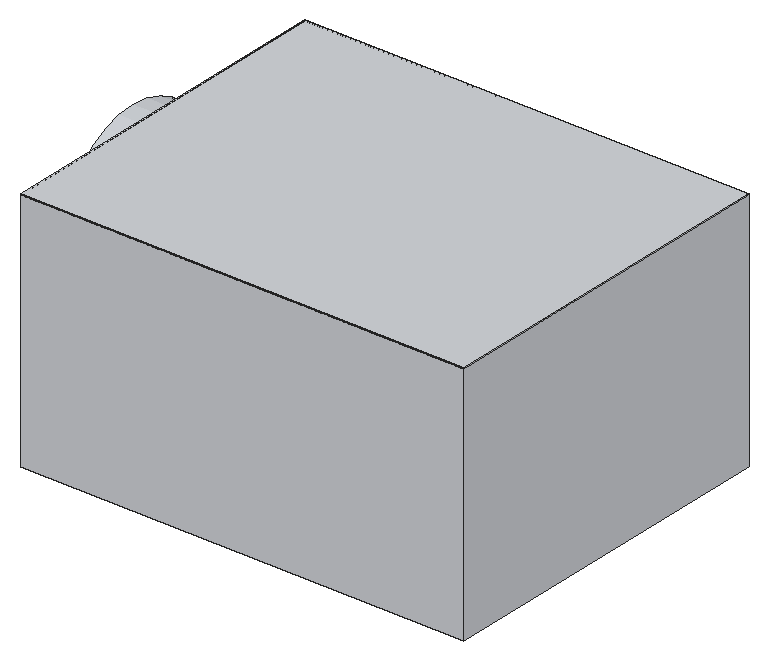
Revit family "DSC-L", category Mechanical Equipment, Revit 2015
Parameters
  Width ID = 2' - 6"
  URL = "https://unitedenertech.com/catalog/pdf/I_1%20MODEL%20TR,%20TR-2,%20DSC-L.pdf"
  Type Comments = "Consult Factory for Max. Sizes"
  O Radius [instance] = Inlet Diameter / 2  # 0' - 6"
  Model = "DSC-L"
  Manufacturer = "United Enertech Corporation"
  Length ID = 2' - 0"
  Inlet Diameter = 1' - 0"
  I Radius [instance] = O Radius - 0' 0 1/32"  # 0' - 5 31/32"
  Description = "Square to Round Transition"
Reference planes (in)
  plane 1 "Center (Front/Back)": y = 0
  plane 2: z = 0
  plane 3 "Center (Left/Right)": x = 0
  plane 4: y = 12
  plane 5: y = -12
  plane 6: x = -15
  plane 7: x = 15
  plane 8: x = -15.04
  plane 9: y = 12.04
  plane 10: y = -12.04
  plane 11: x = 15.04
  plane 12: z = 16.54
  plane 13: z = 16.5
  plane 14: z = 4
  plane 15: z = 10
  plane 16: z = 16
  plane 17: y = -6
  plane 18: y = 6
  plane 19: x = -14
  plane 20: x = -17.04
Forms (in)
  Extrusion 1, solid
    sketch origin (0, 0, 0) x (1, 0, 0) y (0, 1, 0)
      loop
        line (-15.04, -12.04) -> (15.04, -12.04) -> (15.04, 12.04) -> (-15.04, 12.04) -> (-15.04, -12.04)
      loop
        line (-15, -12) -> (15, -12) -> (15, 12) -> (-15, 12) -> (-15, -12)
    from 0 to 16.5
  Extrusion 2, solid
    sketch origin (0, 0, 0) x (1, 0, 0) y (0, 1, 0)
      loop
        line (-15.04, -12.04) -> (15.04, -12.04) -> (15.04, 12.04) -> (-15.04, 12.04) -> (-15.04, -12.04)
    from 16.5 to 16.54
  Extrusion 3, void
    sketch origin (0, 0, 0) x (0, 1, 0) y (0, 0, 1)
      loop
        circle (0, 10) r 5.96875
    from -17.04 to -14
  Extrusion 4, solid
    sketch origin (0, 0, 0) x (0, 1, 0) y (0, 0, 1)
      loop
        circle (0, 10) r 6
      loop
        circle (0, 10) r 5.96875
    from -17.04 to -15.04
Cuts and joins
  Extrusion 3 cuts Extrusion 1
Dimensions and locks (in)
  equal spacing: plane 6, plane 3 "Center (Left/Right)", plane 7
  equal spacing: plane 4, plane 1 "Center (Front/Back)", plane 5
  "Width ID": plane 6 to plane 7
  "Length ID": plane 4 to plane 5
  locked: plane 8 to plane 6 at 0.04
  locked: plane 7 to plane 11 at 0.04
  locked: plane 10 to plane 5 at 0.04
  locked: plane 9 to plane 4 at 0.04
  locked: plane 12 to plane 13 at 0.04
  locked: plane 13 to plane 16 at 0.5
  equal spacing: plane 16, plane 15, plane 14
  "Inlet Diameter": plane 16 to plane 14
  locked: plane 14 to level at 4
  equal spacing: plane 18, plane 1 "Center (Front/Back)", plane 17
  "Inlet Diameter": plane 18 to plane 17
  locked: plane 6 to plane 19 at 1
  locked: plane 20 to plane 8 at 2
  "I Radius": radius of Extrusion 3 sketch curve
  "I Radius": radius of Extrusion 4 sketch curve
  "O Radius": radius of Extrusion 4 sketch curve
  aligned and locked: level to plane 2
  aligned and locked: plane 9 to Extrusion 1 sketch curve
  aligned and locked: plane 8 to Extrusion 1 sketch curve
  aligned and locked: plane 10 to Extrusion 1 sketch curve
  aligned and locked: plane 11 to Extrusion 1 sketch curve
  aligned and locked: plane 7 to Extrusion 1 sketch curve
  aligned and locked: Extrusion 1 sketch curve to plane 5
  aligned and locked: plane 6 to Extrusion 1 sketch curve
  aligned and locked: plane 4 to Extrusion 1 sketch curve
  aligned and locked: Extrusion 1 to level
  aligned and locked: plane 13 to Extrusion 1
  aligned and locked: plane 8 to Extrusion 2 sketch curve
  aligned and locked: plane 10 to Extrusion 2 sketch curve
  aligned and locked: plane 11 to Extrusion 2 sketch curve
  aligned and locked: plane 9 to Extrusion 2 sketch curve
  aligned and locked: Extrusion 2 to plane 13
  aligned and locked: plane 12 to Extrusion 2
  aligned and locked: Extrusion 3 to plane 20
  aligned and locked: Extrusion 3 to plane 19
  aligned and locked: Extrusion 4 to plane 20
  aligned and locked: Extrusion 4 to plane 8
Automatic sketch dimensions
  Extrusion 3 sketch curve to plane 1 "Center (Front/Back)" = 0' - 0"
  Extrusion 3 sketch curve to plane 15 = 0' - 0"
  Extrusion 4 sketch curve to Extrusion 4 sketch curve = 0' - 0"  (x2)
  Extrusion 4 sketch curve to plane 1 "Center (Front/Back)" = 0' - 0"
  Extrusion 4 sketch curve to plane 15 = 0' - 0"
